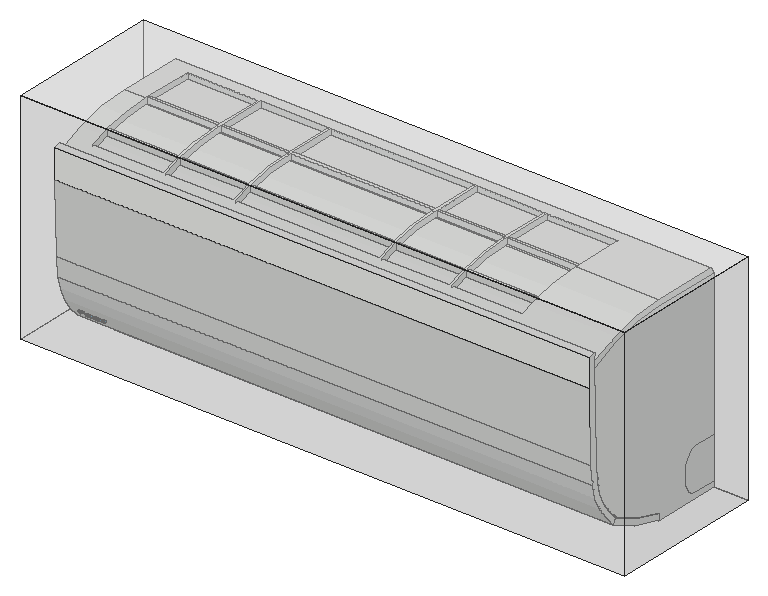
Revit family "outputfile", category 機械設備, Revit 2024
Family settings
  丸型コネクタ寸法 = 半径を使用
  パーツ タイプ = 標準
  OmniClass 番号 = 23.75.10.24.21.27.27
  OmniClass タイトル = Split System Air Conditioning Units
  作業面ベース = いいえ
  常に垂直 = はい
  ロード時にボイドで切り取り = いいえ
  注釈の向きを維持 = いいえ
  共有 = いいえ
  部屋計算ポイント = いいえ
Parameters (values of type "FTKF25T2VMA")
  Description = ""
  書き出し IFC クラス(タイプ) = "IfcUnitaryEquipmentType"
  定義済み IFC タイプ(タイプ) = "AIRCONDITIONINGUNIT"
  Cost = 0
  Type Comments = ""
  Keynote = ""
  Type Image = (empty or 0)
  Assembly Code = ""
  w_wall hole = if(Width = 770.0 mm, 48.0 mm, 60.0 mm)  # 48.0 mm
  製造元 = "Daikin"
  モデル = "FTKF25T2VMA"
  switch_frequency = yes
  r_Liquid Pipe Size = Liquid Pipe Size / 2  # 3.2 mm
  r_Gas Pipe Size = Gas Pipe Size / 2  # 4.75 mm
  r_Drain Pipe Size = Drain Pipe Size / 2  # 8.0 mm
  lw_powersupply [instance] = if(Width = 770.0 mm, if(or(Rear Right Connection_refrigerant, Bottom Right Connection_refrigerant), 25.0 mm, if(or(Rear Left Connection_refrigerant, Bottom Left Connection_refrigerant), 745.0 mm, 400.0 mm)), if(Width = 990.0 mm, if(or(Rear Right Connection_refrigerant, Bottom Right Connection_refrigerant), 40.0 mm, if(or(Rear Left Connection_refrigerant, Bottom Left Connection_refrigerant), 920.0 mm, 400.0 mm)), if(or(Rear Right Connection_refrigerant, Bottom Right Connection_refrigerant), 40.0 mm, if(or(Rear Left Connection_refrigerant, Bottom Left Connection_refrigerant), 920.0 mm, 400.0 mm))))  # 400.0 mm
  lw_liquidpipe [instance] = if(Width = 770.0 mm, if(or(Rear Right Connection_refrigerant, Bottom Right Connection_refrigerant), 0.0 mm, if(or(Rear Left Connection_refrigerant, Bottom Left Connection_refrigerant), 664.0 mm, 385.0 mm)), if(Width = 990.0 mm, if(or(Rear Right Connection_refrigerant, Bottom Right Connection_refrigerant), 0.0 mm, if(or(Rear Left Connection_refrigerant, Bottom Left Connection_refrigerant), 664.0 mm + (990.0 mm - 770.0 mm), 475.0 mm)), if(or(Rear Right Connection_refrigerant, Bottom Right Connection_refrigerant), 0.0 mm, if(or(Rear Left Connection_refrigerant, Bottom Left Connection_refrigerant), 664.0 mm + (990.0 mm - 770.0 mm), 475.0 mm))))  # 385.0 mm
  lw_gaspipe [instance] = if(Width = 770.0 mm, if(or(Rear Right Connection_refrigerant, Bottom Right Connection_refrigerant), 0.0 mm, if(or(Rear Left Connection_refrigerant, Bottom Left Connection_refrigerant), 675.0 mm, if(Gas Pipe Size = 12.7 mm, 345.0 mm, 335.0 mm))), if(Width = 990.0 mm, if(or(Rear Right Connection_refrigerant, Bottom Right Connection_refrigerant), 10.0 mm, if(or(Rear Left Connection_refrigerant, Bottom Left Connection_refrigerant), 890.0 mm, if(Gas Pipe Size = 15.9 mm, 400.0 mm, 400.0 mm))), if(or(Rear Right Connection_refrigerant, Bottom Right Connection_refrigerant), 10.0 mm, if(or(Rear Left Connection_refrigerant, Bottom Left Connection_refrigerant), 890.0 mm, if(Gas Pipe Size = 15.9 mm, 400.0 mm, 400.0 mm)))))  # 335.0 mm
  lw_drainpipe [instance] = if(Width = 770.0 mm, if(or(Rear Right Connection_refrigerant, Bottom Right Connection_refrigerant), 0.0 mm, if(or(Rear Left Connection_refrigerant, Bottom Left Connection_refrigerant), 770.0 mm - 48.0 mm - 48.0 mm, 440.0 mm)), if(Width = 990.0 mm, if(or(Rear Right Connection_refrigerant, Bottom Right Connection_refrigerant), 0.0 mm, if(or(Rear Left Connection_refrigerant, Bottom Left Connection_refrigerant), 675.0 mm + (990.0 mm - 770.0 mm), 435.0 mm)), if(or(Rear Right Connection_refrigerant, Bottom Right Connection_refrigerant), 0.0 mm, if(or(Rear Left Connection_refrigerant, Bottom Left Connection_refrigerant), 675.0 mm + (990.0 mm - 770.0 mm), 435.0 mm))))  # 440.0 mm
  l_powersupply_length [instance] = if(Width = 770.0 mm, if(Right Connection_refrigerant, 400.0 mm, if(Left Connection_refrigerant, 770.0 mm - 400.0 mm, if(or(Rear Left Connection_refrigerant, Rear Right Connection_refrigerant), 15.0 mm, 50.0 mm))), if(Width = 990.0 mm, if(Right Connection_refrigerant, 400.0 mm, if(Left Connection_refrigerant, 990.0 mm - 400.0 mm, if(or(Rear Left Connection_refrigerant, Rear Right Connection_refrigerant), 15.0 mm, 50.0 mm))), if(Right Connection_refrigerant, 400.0 mm, if(Left Connection_refrigerant, 990.0 mm - 400.0 mm, if(or(Rear Left Connection_refrigerant, Rear Right Connection_refrigerant), 15.0 mm, 50.0 mm)))))  # 400.0 mm
  l_liquidpipe_length [instance] = if(Width = 770.0 mm, if(Right Connection_refrigerant, 433.0 mm, if(Left Connection_refrigerant, 337.0 mm, if(or(Rear Left Connection_refrigerant, Rear Right Connection_refrigerant), 30.0 mm, 40.0 mm))), if(Width = 990.0 mm, if(Right Connection_refrigerant, 535.0 mm, if(Left Connection_refrigerant, 455.0 mm, if(or(Rear Left Connection_refrigerant, Rear Right Connection_refrigerant), 30.0 mm, 40.0 mm))), if(Right Connection_refrigerant, 535.0 mm, if(Left Connection_refrigerant, 455.0 mm, if(or(Rear Left Connection_refrigerant, Rear Right Connection_refrigerant), 30.0 mm, 40.0 mm)))))  # 433.0 mm
  l_gaspipe_length [instance] = if(Width = 770.0 mm, if(Right Connection_refrigerant, if(Gas Pipe Size = 12.7 mm, 393.0 mm, 383.0 mm), if(Left Connection_refrigerant, if(Gas Pipe Size = 12.7 mm, 770.0 mm - 393.0 mm, 770.0 mm - 383.0 mm), if(or(Rear Left Connection_refrigerant, Rear Right Connection_refrigerant), 40.0 mm, 50.0 mm))), if(Width = 990.0 mm, if(Right Connection_refrigerant, if(Gas Pipe Size = 15.9 mm, 460.0 mm, 460.0 mm), if(Left Connection_refrigerant, if(Gas Pipe Size = 15.9 mm, 990.0 mm - 460.0 mm, 990.0 mm - 460.0 mm), if(or(Rear Left Connection_refrigerant, Rear Right Connection_refrigerant), 40.0 mm, 50.0 mm))), if(Right Connection_refrigerant, if(Gas Pipe Size = 15.9 mm, 460.0 mm, 460.0 mm), if(Left Connection_refrigerant, if(Gas Pipe Size = 15.9 mm, 990.0 mm - 460.0 mm, 990.0 mm - 460.0 mm), if(or(Rear Left Connection_refrigerant, Rear Right Connection_refrigerant), 40.0 mm, 50.0 mm)))))  # 383.0 mm
  l_drainpipe_length [instance] = if(Width = 770.0 mm, if(Right Connection_refrigerant, 488.0 mm, if(Left Connection_refrigerant, 282.0 mm, if(or(Rear Left Connection_refrigerant, Rear Right Connection_refrigerant), 15.0 mm, 20.0 mm))), if(Width = 990.0 mm, if(Right Connection_refrigerant, 495.0 mm, if(Left Connection_refrigerant, 495.0 mm, if(or(Rear Left Connection_refrigerant, Rear Right Connection_refrigerant), 15.0 mm, 20.0 mm))), if(Right Connection_refrigerant, 495.0 mm, if(Left Connection_refrigerant, 495.0 mm, if(or(Rear Left Connection_refrigerant, Rear Right Connection_refrigerant), 15.0 mm, 20.0 mm)))))  # 488.0 mm
  h*** = 0.0 mm  # constant formula
  connector_voltage = Voltage_50Hz  # 230 V
  connector_powerinput = [Power Input (Cooling)]  # 0.000 kW
  connector_phase = Phase_50Hz  # 1
  angle_vertical [instance] = if(or(Bottom Left Connection_refrigerant, Bottom Right Connection_refrigerant), 0.00°, 90.00°)  # 90.00°
  angle_horizontal [instance] = if(Right Connection_refrigerant, 90.00°, if(Left Connection_refrigerant, -90.00°, if(or(Rear Left Connection_refrigerant, Rear Right Connection_refrigerant), 180.00°, 0.00°)))  # 90.00°
  Width = 770.0 mm
  Voltage_comment_50Hz = "220 - 240"
  Voltage_50Hz = 230 V
  Version = "ver.1.0"
  Unit Type = "Wall Mounted"
  Unit Mass Weight = 9.00 kg
  Unit Designation [instance] = ""
  Uniclass2015Version = "Products v1.30"
  Uniclass2015Title = "Split coil room air conditioning units"
  Uniclass2015Code = "Pr_70_65_03_86"
  URL = ""
  Total Cooling Capacity [instance] = 0.000 kW
  Sound Pressure Level_M speed (dBA) = 33
  Sound Pressure Level_L speed (dBA) = 27
  Sound Pressure Level_H speed (dBA) = 40
  Sound Power Level_H speed (dB) = 0
  Series = "Single Split_Fan Coil Unit"
  Sensible Cooling Capacity [instance] = 0.000 kW
  Refrigerant Type = "R32"
  Power Input (Cooling) = 0.000 kW
  Phase_50Hz = 1
  Option Accessory 3 [instance] = ""
  Option Accessory 2 [instance] = ""
  Option Accessory 1 [instance] = ""
  Nominal Cooling Capacity = 2.500 kW
  Minimum Circuit Amps_50Hz = 0.0 A
  Minimum Airflow = 276.00 m³/h
  Median Airflow = 390.00 m³/h
  Maximum Fuse Amps_50Hz = 0.0 A
  Maximum Airflow = 576.00 m³/h
  Material_Casing = DAIKIN_PureWhite_Casing_indoorunit
  Load Classification = HVAC
  Liquid Pipe Size = 6.4 mm
  Link_Nested Family [instance] = ""
  IfcVersion = ""
  IfcExportType = "AIRCONDITIONINGUNIT"
  IfcExportAs = "IfcUnitaryEquipmentType"
  Height = 285.0 mm
  Heat Exchanger Type = "Cross Fin Coil"
  Gas Pipe Size = 9.5 mm
  Frequency_50Hz = 50 Hz
  Fan Type = "Cross Flow Fan"
  Fan Drive = "Direct Drive"
  FCU Tag No. [instance] = ""
  Drain Pipe Size = 16.0 mm
  Design Supply Airflow [instance] = 0.00 m³/h
  Depth = 223.0 mm
  既定の高さ = 0.0 mm
  Cooling Entering Wet Bulb Temperature [instance] = 0.00 °C
  Cooling Entering Dry Bulb Temperature [instance] = 0.00 °C
  Cooling Ambient Wet Bulb Temperature [instance] = 0.00 °C
  Cooling Ambient Dry Bulb Temperature [instance] = 0.00 °C
  Clearance visibility [instance] = yes
  Clearance Top = 30.0 mm
  Clearance Right = 50.0 mm
  Clearance Rear = 0.0 mm
  Clearance Left = 50.0 mm
  Clearance Front = 0.0 mm
  Clearance Bottom = 0.0 mm
  Bottom Right Connection_refrigerant [instance] = no
  Bottom Left Connection_refrigerant [instance] = no
  Rear Right Connection_refrigerant [instance] = no
  Rear Left Connection_refrigerant [instance] = no
  Right Connection_refrigerant [instance] = yes
  Left Connection_refrigerant [instance] = no
Reference planes
  plane 1 "Back": y = 0
  plane 2: z = 0
  plane 3 "Center (Left/Right)": x = 0
  plane 4 "Center (Front/Back)": y = -111.5
  plane 5 "Front": y = -223
  plane 6 "Left": x = -385
  plane 7 "Right": x = 385
  plane 8 "Top": z = 0
  plane 9 "Bottom": z = -285
  plane 10: x = -435
  plane 11: x = 435
  plane 12: y = 0
  plane 13: y = -223
  plane 14: z = 30
  plane 15: z = -285
  plane 16 "lw_Piping and Wiring intake": x = 337
  plane 17 "lw_gaspipe": x = 2
  plane 18 "lw_liquidpipe": x = -48
  plane 19 "lw_drainpipe": x = -103
  plane 20 "lh_drainpipe": z = -265
  plane 21 "lh_liquidpipe": z = -245
  plane 22 "lh_gaspipe": z = -235
  plane 23 "ld_drainpipe": y = -15
  plane 24 "ld_liquidpipe": y = -30
  plane 25 "ld_gaspipe": y = -40
  plane 26 "lw_powersupply": x = -15
Dimensions and locks
  equal spacing: plane 6 "Left", plane 3 "Center (Left/Right)", plane 7 "Right"
  "Width": plane 6 "Left" to plane 7 "Right"
  equal spacing: plane 5 "Front", plane 4 "Center (Front/Back)", plane 1 "Back"
  "Depth": plane 5 "Front" to plane 1 "Back"
  "Height": plane 8 "Top" to plane 9 "Bottom"
  "Clearance Rear": plane 12 to plane 1 "Back"
  "Clearance Front": plane 13 to plane 5 "Front"
  "Clearance Top": plane 14 to plane 8 "Top"
  "Clearance Bottom": plane 9 "Bottom" to plane 15
  "w_wall hole": plane 16 "lw_Piping and Wiring intake" to plane 7 "Right"
  "lw_gaspipe": plane 17 "lw_gaspipe" to plane 16 "lw_Piping and Wiring intake"
  "lw_liquidpipe": plane 18 "lw_liquidpipe" to plane 16 "lw_Piping and Wiring intake"
  "lw_drainpipe": plane 19 "lw_drainpipe" to plane 16 "lw_Piping and Wiring intake"
  locked: plane 20 "lh_drainpipe" to plane 9 "Bottom" at 20
  locked: plane 21 "lh_liquidpipe" to plane 9 "Bottom" at 40
  locked: plane 22 "lh_gaspipe" to plane 9 "Bottom" at 50
  locked: plane 23 "ld_drainpipe" to plane 1 "Back" at 15
  locked: plane 1 "Back" to plane 24 "ld_liquidpipe" at 30
  locked: plane 1 "Back" to plane 25 "ld_gaspipe" at 40
  "lw_powersupply": plane 26 "lw_powersupply" to plane 7 "Right"
  "Clearance Left": plane 10 to plane 6 "Left"
  "Clearance Right": plane 7 "Right" to plane 11
  aligned and locked: level to plane 2
  aligned and locked: plane 12 to nested 1
  aligned and locked: nested 1 to plane 13
  aligned and locked: plane 10 to nested 1
  aligned and locked: plane 11 to nested 1
  aligned and locked: plane 15 to nested 1
  aligned and locked: plane 14 to nested 1
  aligned and locked: plane 17 "lw_gaspipe" to nested 2
  aligned and locked: nested 2 to plane 25 "ld_gaspipe"
  aligned and locked: plane 18 "lw_liquidpipe" to nested 3
  aligned and locked: nested 3 to plane 24 "ld_liquidpipe"
  aligned and locked: plane 19 "lw_drainpipe" to nested 4
  aligned and locked: nested 4 to plane 23 "ld_drainpipe"
  aligned and locked: nested 5 to plane 23 "ld_drainpipe"
  aligned and locked: plane 26 "lw_powersupply" to nested 5
  aligned and locked: level to plane 8 "Top"
  aligned and locked: plane 3 "Center (Left/Right)" to nested 6
  aligned and locked: plane 1 "Back" to nested 6
  aligned and locked: plane 8 "Top" to nested 6
Nested families
  nested 1: "daikin_clearancespace" at (0, -111.5, -127.381), show <- "Clearance visibility", visible <- "Clearance visibility", Link_Nested Family <- "Link_Nested Family", type "daikin_clearancespace"
    with width 870.0 mm, show yes, height 315.0 mm, depth 223.0 mm, Link_Nested Family ""
  nested 2: "daikin_connector_rotate3" at (2, -40, -235), angle_vertical <- "angle_vertical", angle_horizontal <- "angle_horizontal", length <- "l_gaspipe_length", radius <- "r_Gas Pipe Size", type "daikin_connector_rotate3"
    with show no, radius 4.75 mm, length 383.0 mm, angle_vertical 90.00°, angle_horizontal 90.00°
  nested 3: "daikin_connector_rotate3" at (-48, -30, -245), angle_vertical <- "angle_vertical", angle_horizontal <- "angle_horizontal", radius <- "r_Liquid Pipe Size", length <- "l_liquidpipe_length", type "daikin_connector_rotate3"
    with show no, radius 3.2 mm, length 433.0 mm, angle_vertical 90.00°, angle_horizontal 90.00°
  nested 4: "daikin_connector_rotate3" at (-103, -15, -265), angle_vertical <- "angle_vertical", angle_horizontal <- "angle_horizontal", length <- "l_drainpipe_length", radius <- "r_Drain Pipe Size", type "daikin_connector_rotate3"
    with show no, radius 8.0 mm, length 488.0 mm, angle_vertical 90.00°, angle_horizontal 90.00°
  nested 5: "daikin_connector_rotate3" at (-15, -15, -235), angle_vertical <- "angle_vertical", angle_horizontal <- "angle_horizontal", length <- "l_powersupply_length", type "daikin_connector_rotate3"
    with show no, radius 10.0 mm, length 400.0 mm, angle_vertical 90.00°, angle_horizontal 90.00°
  nested 6: "DAIKIN_indoorunit_FTKF-T2VMA" at (-31, 0, 0), type "FTKF-T2VMA"
Connectors
  piping at (385, -40, -235), diameter 9.5, driven by "r_Gas Pipe Size"
    settings: on nested 2, index 1, connector inside diameter 609.6 mm, connector length 0.0 mm, flow factor 0, pipe flow 0.00 m³/h, pressure drop 0.0 Pa, fitting loss kfactor 0, connector angle 0.00°, fixture units 0, engagement length 0.0 mm, angle of deflection 0.00°, flow configuration 1, flow direction 2, fitting loss method 0, system type 29, joint type 0, gender type 0, connector reference index -1, connector utility 0, adjustable connector no, is connector primary yes, connector description "Refrigerant Gas Piping"
  piping at (385, -30, -245), diameter 6.4, driven by "r_Liquid Pipe Size"
    settings: on nested 3, index 2, connector inside diameter 609.6 mm, connector length 0.0 mm, flow factor 0, pipe flow 0.00 m³/h, pressure drop 0.0 Pa, fitting loss kfactor 0, connector angle 0.00°, fixture units 0, engagement length 0.0 mm, angle of deflection 0.00°, flow configuration 1, flow direction 1, fitting loss method 0, system type 29, joint type 0, gender type 0, connector reference index -1, connector utility 0, adjustable connector no, is connector primary no, connector description "Refrigerant Liquid Piping"
  piping at (385, -15, -265), diameter 16, driven by "r_Drain Pipe Size"
    settings: on nested 4, index 3, connector inside diameter 609.6 mm, connector length 0.0 mm, flow factor 0, pipe flow 0.00 m³/h, pressure drop 0.0 Pa, fitting loss kfactor 0, connector angle 0.00°, fixture units 0, engagement length 0.0 mm, angle of deflection 0.00°, flow configuration 1, flow direction 2, fitting loss method 4, system type 16, joint type 0, gender type 0, connector reference index -1, connector utility 0, adjustable connector no, is connector primary no, connector description "Condensate Drain Piping"
  electrical at (385, -15, -235), driven by "Load Classification", driven by "connector_voltage", driven by "connector_powerinput", driven by "connector_phase"
    settings: on nested 5, index 4, voltage 230 V, apparent load 0 VA, apparent load phase1 0 VA, apparent load phase2 0 VA, apparent load phase3 0 VA, power factor 1, load classification "HVAC", number of poles 1, system type 30, power factor state 1, is connector primary yes, connector utility no, sub classification motor no, connector description "Power Supply"
Definition of nested family "daikin_clearancespace"
  Parameters (values of type "daikin_clearancespace")
    Description = "daikin_clearancespace"
    width [instance] = 1823.963 mm
    show [instance] = yes
    material = none
    height [instance] = 1359.762 mm
    depth [instance] = 880.0 mm
    Default Elevation = 0.0 mm
    Link_Nested Family [instance] = ""
  Reference planes
    plane 1 "Center (Front/Back)": y = 0
    plane 2 "Center (Elevation)": z = -0.119
    plane 3 "Center (Left/Right)": x = 0
    plane 4: y = 440
    plane 5: y = -440
    plane 6 "Right": x = 911.982
    plane 7 "Left": x = -911.982
    plane 8 "Top": z = 679.762
    plane 9 "Bottom": z = -680
  Forms (mm)
    Extrusion 1, solid, material <- "material", visible <- "show"
      sketch origin (0, 0, 0) x (1, 0, 0) y (0, 1, 0)
        loop
          line (-911.982, 440) -> (-911.982, -440) -> (911.982, -440) -> (911.982, 440) -> (-911.982, 440)
      from -680 to 679.762
  Lines and regions (mm)
    symbolic lines, visible <- "show"
      curve 1: line (911.982, 440, 0) -> (-911.982, 440, 0)
      curve 2: line (-911.982, 440, 0) -> (-911.982, -440, 0)
      curve 3: line (-911.982, -440, 0) -> (911.982, -440, 0)
      curve 4: line (911.982, -440, 0) -> (911.982, 440, 0)
      curve 5: line (911.982, 0, 679.762) -> (-911.982, 0, 679.762)
      curve 6: line (911.982, 0, -680) -> (911.982, 0, 679.762)
      curve 7: line (-911.982, 0, -680) -> (911.982, 0, -680)
      curve 8: line (-911.982, 0, 679.762) -> (-911.982, 0, -680)
      curve 9: line (0, 440, 679.762) -> (0, -440, 679.762)
      curve 10: line (0, -440, 679.762) -> (0, -440, -680)
      curve 11: line (0, 440, -680) -> (0, 440, 679.762)
      curve 12: line (0, -440, -680) -> (0, 440, -680)
  Dimensions and locks
    "width": plane 7 "Left" to plane 6 "Right"
    "depth": plane 4 to plane 5
    "height": plane 8 "Top" to plane 9 "Bottom"
    equal spacing: plane 7 "Left", plane 3 "Center (Left/Right)", plane 6 "Right"
    equal spacing: plane 4, plane 1 "Center (Front/Back)", plane 5
    equal spacing: plane 8 "Top", plane 2 "Center (Elevation)", plane 9 "Bottom"
    aligned and locked: level to plane 2 "Center (Elevation)"
    aligned and locked: Extrusion 1 sketch curve to plane 4
    aligned and locked: plane 7 "Left" to Extrusion 1 sketch curve
    aligned and locked: Extrusion 1 sketch curve to plane 5
    aligned and locked: Extrusion 1 sketch curve to plane 6 "Right"
    aligned and locked: plane 8 "Top" to Extrusion 1
    aligned and locked: curve 1 to Extrusion 1
    aligned and locked: curve 2 to Extrusion 1
    aligned and locked: curve 3 to Extrusion 1
    aligned and locked: curve 4 to Extrusion 1
    aligned and locked: curve 5 to Extrusion 1
    aligned and locked: curve 6 to Extrusion 1
    aligned and locked: curve 7 to Extrusion 1
    aligned and locked: curve 8 to Extrusion 1
    aligned and locked: curve 9 to Extrusion 1
    aligned and locked: curve 10 to Extrusion 1
    aligned and locked: curve 11 to Extrusion 1
    aligned and locked: curve 12 to Extrusion 1
    aligned and locked: Extrusion 1 to plane 9 "Bottom"
Definition of nested family "DAIKIN_indoorunit_FTKF-T2VMA"
  Parameters (values of type "FTKF-TVMA")
    switch_unit1_60-71 = Width = 990.0 mm  # no
    switch_unit1_20-50 = Width = 770.0 mm  # yes
    Width = 770.0 mm
    WALL HOLE-R = if(Width = 770.0 mm, 48.0 mm, 60.0 mm)  # 48.0 mm
    WALL HOLE Size = if(Width = 770.0 mm, 65.0 mm, 80.0 mm)  # 65.0 mm
    Material_Casing = none
    Height = if(Width = 770.0 mm, 285.0 mm, 295.0 mm)  # 285.0 mm
    Default Elevation = 0.0 mm
  Reference planes
    plane 1 "Center (Front/Back)": y = 0
    plane 2 "reference_level": z = 0
    plane 3 "Center (Left/Right)": x = 31
    plane 4: x = -354
    plane 5: x = 416
    plane 6: z = -285
  Forms (mm)
    Extrusion 1, solid, material <- "Material_Casing", visible <- "switch_unit1_20-50"
      sketch origin (29, 0, 0) x (0, 1, 0) y (0, 0, 1)
        loop
          line (-5, 0) -> (-98, 0)
          arc (-98, 0) -> (-157.611, -7.211) -> (-213.783, -28.427) r 250
          arc (-213.783, -28.427) -> (-213.842, -32.972) -> (-213.892, -37.516) r 2191
          arc (-213.892, -37.516) -> (-157.832, -15.495) -> (-98.07, -8) r 242
          line (-98.07, -8) -> (0, -8) -> (-5, 0)
      from -383 to 387
    Extrusion 2, solid, material <- "Material_Casing", visible <- "switch_unit1_20-50"
      sketch origin (416, 1296.25, 1200) x (0, 1, 0) y (0, 0, 1)
        loop
          line (-1472.998, -1446.91) -> (-1476.998, -1453.839)
          arc (-1476.998, -1453.839) -> (-1437.481, -1472.422) -> (-1395.25, -1483.538) r 240
          line (-1395.25, -1483.538) -> (-1395.25, -1475.422)
          arc (-1395.25, -1475.422) -> (-1435.407, -1464.663) -> (-1472.998, -1446.91) r 232
      from 0 to -47.5
    Extrusion 3, solid, material <- "Material_Casing", visible <- "switch_unit1_20-50"
      sketch origin (29, 0, 0) x (0, 1, 0) y (0, 0, 1)
        loop
          arc (-223, -60.455) -> (-222.414, -110.646) -> (-220.656, -160.81) r 2149.92
          arc (-220.656, -160.81) -> (-219.65, -174.299) -> (-217.853, -187.706) r 229.911
          arc (-217.853, -187.706) -> (-205.371, -223.594) -> (-181.517, -253.17) r 111
          line (-181.517, -253.17) -> (-177.429, -246.093)
          arc (-177.429, -246.093) -> (-198.77, -218.989) -> (-209.965, -186.36) r 103
          arc (-209.965, -186.36) -> (-211.681, -173.586) -> (-212.651, -160.735) r 221.844
          arc (-212.651, -160.735) -> (-214.739, -93.233) -> (-214.74, -25.699) r 2186.828
          arc (-214.74, -25.699) -> (-214.671, -21.467) -> (-214.594, -17.235) r 2192
          line (-214.594, -17.235) -> (-223, -19.961) -> (-223, -60.455)
      from -383 to 387
    Extrusion 4, solid, material <- "Material_Casing", visible <- "switch_unit1_20-50"
      sketch origin (29, 0, -20) x (0, 1, 0) y (0, 0, 1)
        loop
          line (0, -265) -> (0, 12) -> (-98.07, 12)
          arc (-98.07, 12) -> (-157.832, 4.505) -> (-213.892, -17.516) r 242
          arc (-213.892, -17.516) -> (-213.638, -79.114) -> (-211.653, -140.681) r 2191
          arc (-211.653, -140.681) -> (-210.685, -153.501) -> (-208.973, -166.243) r 221
          arc (-208.973, -166.243) -> (-197.471, -199.282) -> (-175.482, -226.491) r 102
          arc (-175.482, -226.491) -> (-138.004, -244.019) -> (-98, -254.579) r 231
          line (-98, -254.579) -> (-98, -265) -> (0, -265)
      from -383 to 387
    Extrusion 5, solid, material <- "Material_Casing", visible <- "switch_unit1_20-50"
      sketch origin (-354, 1296.25, 1200) x (0, 1, 0) y (0, 0, 1)
        loop
          line (-1472.998, -1446.91) -> (-1476.998, -1453.839)
          arc (-1476.998, -1453.839) -> (-1437.481, -1472.422) -> (-1395.25, -1483.538) r 240
          line (-1395.25, -1483.538) -> (-1395.25, -1475.422)
          arc (-1395.25, -1475.422) -> (-1435.407, -1464.663) -> (-1472.998, -1446.91) r 232
      from 47 to 0
    Extrusion 6, solid, material <- "Material_Casing", visible <- "switch_unit1_20-50"
      sketch origin (416, 1296.25, 1200) x (0, 1, 0) y (0, 0, 1)
        loop
          line (-1472.998, -1446.91) -> (-1476.998, -1453.839)
          arc (-1476.998, -1453.839) -> (-1443.437, -1470.168) -> (-1407.75, -1481.097) r 240
          line (-1407.75, -1481.097) -> (-1407.75, -1472.894)
          arc (-1407.75, -1472.894) -> (-1441.363, -1462.385) -> (-1472.998, -1446.91) r 232
      from -116.993 to -48.493
    Extrusion 7, solid, material <- "Material_Casing", visible <- "switch_unit1_20-50"
      sketch origin (416, 1296.25, 1200) x (0, 1, 0) y (0, 0, 1)
        loop
          line (-1472.998, -1446.91) -> (-1476.998, -1453.839)
          arc (-1476.998, -1453.839) -> (-1443.437, -1470.168) -> (-1407.75, -1481.097) r 240
          line (-1407.75, -1481.097) -> (-1407.75, -1472.894)
          arc (-1407.75, -1472.894) -> (-1441.363, -1462.385) -> (-1472.998, -1446.91) r 232
      from -717 to -121.993
    Extrusion 8, void
      sketch origin (31, 0, -235) x (1, 0, 0) y (0, 1, 0)
        loop
          line (-252.674, -22.316) -> (-354.941, -22.316) -> (-354.941, -91.341) -> (-252.674, -91.341) -> (-252.674, -22.316)
        loop
          line (-249.341, -91.341) -> (-151.574, -91.341) -> (-151.574, -22.316) -> (-249.341, -22.316) -> (-249.341, -91.341)
        loop
          line (58.309, -22.316) -> (-148.309, -22.316) -> (-148.309, -91.341) -> (58.309, -91.341) -> (58.309, -22.316)
        loop
          line (61.689, -22.316) -> (61.689, -91.341) -> (159.457, -91.341) -> (159.457, -22.316) -> (61.689, -22.316)
        loop
          line (162.789, -22.316) -> (162.789, -91.341) -> (265.057, -91.341) -> (265.057, -22.316) -> (162.789, -22.316)
        loop
          line (-354.941, -94.659) -> (-354.941, -165.259) -> (-252.674, -165.259) -> (-252.674, -94.659) -> (-354.941, -94.659)
        loop
          line (-249.341, -94.659) -> (-249.341, -165.259) -> (-151.574, -165.259) -> (-151.574, -94.659) -> (-249.341, -94.659)
        loop
          line (-148.309, -94.659) -> (-148.309, -165.259) -> (58.309, -165.259) -> (58.309, -94.659) -> (-148.309, -94.659)
        loop
          line (61.689, -94.659) -> (61.689, -165.259) -> (159.457, -165.259) -> (159.457, -94.659) -> (61.689, -94.659)
        loop
          line (162.789, -94.659) -> (162.789, -165.259) -> (265.057, -165.259) -> (265.057, -94.659) -> (162.789, -94.659)
        loop
          line (-354.941, -167.382) -> (-354.941, -192.681) -> (-252.674, -192.681) -> (-252.674, -167.382) -> (-354.941, -167.382)
        loop
          line (-249.341, -167.382) -> (-249.341, -192.681) -> (-151.574, -192.681) -> (-151.574, -167.382) -> (-249.341, -167.382)
        loop
          line (-148.309, -167.382) -> (-148.309, -192.681) -> (58.309, -192.681) -> (58.309, -167.382) -> (-148.309, -167.382)
        loop
          line (159.457, -167.382) -> (61.689, -167.382) -> (61.689, -192.681) -> (159.457, -192.681) -> (159.457, -167.382)
        loop
          line (265.057, -167.382) -> (162.789, -167.382) -> (162.789, -192.681) -> (265.057, -192.681) -> (265.057, -167.382)
      from 201.638 to 250
    Extrusion 9, solid, material <- "Material_Casing"
      sketch origin (31, 0, 0) x (1, 0, 0) y (0, 0, 1)
        loop
          circle (337, -240.5) r 32.5
        loop
          circle (-337, -240.5) r 32.5
      from 0 to 5
    Extrusion 10, solid, material <- "Material_Casing", visible <- "switch_unit1_20-50"
      sketch origin (416, 1296.25, 1200) x (0, -1, 0) y (0, 0, 1)
        loop
          line (1326.25, -1417) -> (1296.25, -1417) -> (1296.25, -1477) -> (1326.25, -1477)
          arc (1326.25, -1477) -> (1340.393, -1471.142) -> (1346.25, -1457) r 20
          line (1346.25, -1457) -> (1346.25, -1437)
          arc (1346.25, -1437) -> (1340.393, -1422.858) -> (1326.25, -1417) r 20
      from 0 to 5
    Extrusion 11, solid, material <- "Material_Casing", visible <- "switch_unit1_20-50"
      sketch origin (-354, 1296.25, 1200) x (0, 1, 0) y (0, 0, 1)
        loop
          line (-1296.25, -1417) -> (-1326.25, -1417)
          arc (-1326.25, -1417) -> (-1340.393, -1422.858) -> (-1346.25, -1437) r 20
          line (-1346.25, -1437) -> (-1346.25, -1457)
          arc (-1346.25, -1457) -> (-1340.393, -1471.142) -> (-1326.25, -1477) r 20
          line (-1326.25, -1477) -> (-1296.25, -1477) -> (-1296.25, -1417)
      from 0 to 5
    Extrusion 12, solid, material <- "Material_Casing", visible <- "switch_unit1_20-50"
      sketch origin (31, 0, -285) x (-1, 0, 0) y (0, -1, 0)
        loop
          line (-314, 0) -> (-314, 30)
          arc (-314, 30) -> (-319.858, 44.142) -> (-334, 50) r 20
          line (-334, 50) -> (-354, 50)
          arc (-354, 50) -> (-368.142, 44.142) -> (-374, 30) r 20
          line (-374, 30) -> (-374, 0) -> (-314, 0)
        loop
          line (374, 0) -> (374, 30)
          arc (374, 30) -> (368.142, 44.142) -> (354, 50) r 20
          line (354, 50) -> (334, 50)
          arc (334, 50) -> (319.858, 44.142) -> (314, 30) r 20
          line (314, 30) -> (314, 0) -> (374, 0)
      from 0 to 5
    Extrusion 13, solid, material <- "Material_Casing", visible <- "switch_unit1_60-71"
      sketch origin (31, 0, 0) x (0, 1, 0) y (0, 0, 1)
        loop
          line (-5, 0) -> (-138, 0)
          arc (-138, 0) -> (-197.611, -7.211) -> (-253.783, -28.427) r 250
          arc (-253.783, -28.427) -> (-253.838, -32.687) -> (-253.886, -36.946) r 2191
          arc (-253.886, -36.946) -> (-197.73, -15.346) -> (-138.014, -8) r 246.393
          line (-138.014, -8) -> (0, -8) -> (-5, 0)
      from -495 to 495
    Extrusion 14, solid, material <- "Material_Casing", visible <- "switch_unit1_60-71"
      sketch origin (418, 1296.25, 1200) x (0, 1, 0) y (0, 0, 1)
        loop
          arc (-1515.208, -1454.149) -> (-1506.856, -1460.599) -> (-1497.925, -1466.219) r 110
          arc (-1497.925, -1466.219) -> (-1445.718, -1487.493) -> (-1389.844, -1494.995) r 223
          line (-1389.844, -1494.995) -> (-1389.844, -1486.086) -> (-1404.386, -1486.086)
          arc (-1404.386, -1486.086) -> (-1449.542, -1477.46) -> (-1491.818, -1459.402) r 214.289
          arc (-1491.818, -1459.402) -> (-1501.056, -1453.541) -> (-1509.606, -1446.715) r 101
          line (-1509.606, -1446.715) -> (-1515.208, -1454.149)
      from 108 to 57.5
    Extrusion 15, solid, material <- "Material_Casing", visible <- "switch_unit1_60-71"
      sketch origin (31, 0, 0) x (0, 1, 0) y (0, 0, 1)
        loop
          line (-263, -19.962) -> (-263, -61.6)
          arc (-263, -61.6) -> (-262.414, -110.219) -> (-260.656, -158.81) r 2017.341
          arc (-260.656, -158.81) -> (-255.648, -191.935) -> (-244.041, -223.362) r 164.725
          arc (-244.041, -223.362) -> (-233.569, -239.793) -> (-219.717, -253.495) r 87.379
          line (-219.717, -253.495) -> (-214.706, -246.846)
          arc (-214.706, -246.846) -> (-229.564, -230.029) -> (-240.385, -210.371) r 102
          arc (-240.385, -210.371) -> (-249.049, -182.962) -> (-252.848, -154.467) r 165.789
          arc (-252.848, -154.467) -> (-254.771, -90.102) -> (-254.74, -25.708) r 2122.533
          arc (-254.74, -25.708) -> (-254.671, -21.469) -> (-254.594, -17.23) r 2192
          line (-254.594, -17.23) -> (-263, -19.962)
      from -495 to 495
    Extrusion 16, void
      sketch origin (33, 0, 0) x (1, 0, 0) y (0, 1, 0)
        loop
          line (-466.909, -22.316) -> (-466.909, -111.341) -> (-366.303, -111.341) -> (-366.303, -22.316) -> (-466.909, -22.316)
        loop
          line (-362.71, -22.316) -> (-362.71, -111.341) -> (-262.103, -111.341) -> (-262.103, -22.316) -> (-362.71, -22.316)
        loop
          line (-258.51, -22.316) -> (-258.51, -111.341) -> (-157.904, -111.341) -> (-157.904, -22.316) -> (-258.51, -22.316)
        loop
          line (-154.31, -22.316) -> (-154.31, -111.341) -> (-53.704, -111.341) -> (-53.704, -22.316) -> (-154.31, -22.316)
        loop
          line (-50.11, -22.316) -> (-50.11, -111.341) -> (50.496, -111.341) -> (50.496, -22.316) -> (-50.11, -22.316)
        loop
          line (54.089, -22.316) -> (54.089, -111.341) -> (154.696, -111.341) -> (154.696, -22.316) -> (54.089, -22.316)
        loop
          line (158.289, -22.316) -> (158.289, -111.341) -> (258.895, -111.341) -> (258.895, -22.316) -> (158.289, -22.316)
        loop
          line (262.489, -22.316) -> (262.489, -111.341) -> (363.095, -111.341) -> (363.095, -22.316) -> (262.489, -22.316)
        loop
          line (-466.909, -114.459) -> (-466.909, -185.059) -> (-366.303, -185.059) -> (-366.303, -114.459) -> (-466.909, -114.459)
        loop
          line (-362.71, -114.459) -> (-362.71, -185.059) -> (-262.103, -185.059) -> (-262.103, -114.459) -> (-362.71, -114.459)
        loop
          line (-258.51, -114.459) -> (-258.51, -185.059) -> (-157.904, -185.059) -> (-157.904, -114.459) -> (-258.51, -114.459)
        loop
          line (-154.31, -114.459) -> (-154.31, -185.059) -> (-53.704, -185.059) -> (-53.704, -114.459) -> (-154.31, -114.459)
        loop
          line (-50.11, -114.459) -> (-50.11, -185.059) -> (50.496, -185.059) -> (50.496, -114.459) -> (-50.11, -114.459)
        loop
          line (54.089, -114.459) -> (54.089, -185.059) -> (154.696, -185.059) -> (154.696, -114.459) -> (54.089, -114.459)
        loop
          line (158.289, -114.459) -> (158.289, -185.059) -> (258.895, -185.059) -> (258.895, -114.459) -> (158.289, -114.459)
        loop
          line (262.489, -114.459) -> (262.489, -185.059) -> (363.095, -185.059) -> (363.095, -114.459) -> (262.489, -114.459)
        loop
          line (-466.909, -187.382) -> (-466.909, -232.681) -> (-366.303, -232.681) -> (-366.303, -187.382) -> (-466.909, -187.382)
        loop
          line (-362.71, -187.382) -> (-362.71, -232.681) -> (-262.103, -232.681) -> (-262.103, -187.382) -> (-362.71, -187.382)
        loop
          line (-258.51, -187.382) -> (-258.51, -232.681) -> (-157.904, -232.681) -> (-157.904, -187.382) -> (-258.51, -187.382)
        loop
          line (-154.31, -187.382) -> (-154.31, -232.681) -> (-53.704, -232.681) -> (-53.704, -187.382) -> (-154.31, -187.382)
        loop
          line (-50.11, -187.382) -> (-50.11, -232.681) -> (50.496, -232.681) -> (50.496, -187.382) -> (-50.11, -187.382)
        loop
          line (54.089, -187.382) -> (54.089, -232.681) -> (154.696, -232.681) -> (154.696, -187.382) -> (54.089, -187.382)
        loop
          line (158.289, -187.382) -> (158.289, -232.681) -> (258.895, -232.681) -> (258.895, -187.382) -> (158.289, -187.382)
        loop
          line (262.489, -187.382) -> (262.489, -232.681) -> (363.095, -232.681) -> (363.095, -187.382) -> (262.489, -187.382)
      from -40.013 to 47.268
    Extrusion 17, solid, material <- "Material_Casing", visible <- "switch_unit1_60-71"
      sketch origin (-356, 1296.25, 1200) x (0, 1, 0) y (0, 0, -1)
        loop
          line (-1515.208, 1454.149) -> (-1509.606, 1446.715)
          arc (-1509.606, 1446.715) -> (-1501.056, 1453.541) -> (-1491.818, 1459.402) r 101
          arc (-1491.818, 1459.402) -> (-1449.542, 1477.46) -> (-1404.386, 1486.086) r 214.289
          line (-1404.386, 1486.086) -> (-1389.844, 1486.086) -> (-1389.844, 1494.995)
          arc (-1389.844, 1494.995) -> (-1445.718, 1487.493) -> (-1497.925, 1466.219) r 223
          arc (-1497.925, 1466.219) -> (-1506.856, 1460.599) -> (-1515.208, 1454.149) r 110
      from 108 to 61
    Extrusion 18, solid, material <- "Material_Casing", visible <- "switch_unit1_60-71"
      sketch origin (418, 1296.25, 1200) x (0, 1, 0) y (0, 0, 1)
        loop
          arc (-1515.208, -1454.149) -> (-1506.856, -1460.599) -> (-1497.925, -1466.219) r 110
          arc (-1497.925, -1466.219) -> (-1463.185, -1482.066) -> (-1426.25, -1491.755) r 223
          line (-1426.25, -1491.755) -> (-1426.25, -1483.166)
          arc (-1426.25, -1483.166) -> (-1460.008, -1473.969) -> (-1491.818, -1459.402) r 214.289
          arc (-1491.818, -1459.402) -> (-1501.056, -1453.541) -> (-1509.606, -1446.715) r 101
          line (-1509.606, -1446.715) -> (-1515.208, -1454.149)
      from 56.5 to -36.993
    Extrusion 19, solid, material <- "Material_Casing", visible <- "switch_unit1_60-71"
      sketch origin (418, 1296.25, 1200) x (0, 1, 0) y (0, 0, 1)
        loop
          arc (-1426.25, -1483.166) -> (-1443.442, -1479.224) -> (-1460.25, -1473.881) r 214.289
          line (-1460.25, -1473.881) -> (-1460.25, -1483.089)
          arc (-1460.25, -1483.089) -> (-1443.421, -1488.091) -> (-1426.25, -1491.755) r 223
          line (-1426.25, -1491.755) -> (-1426.25, -1483.166)
      from -43.493 to -828.893
    Extrusion 20, solid, material <- "Material_Casing", visible <- "switch_unit1_60-71"
      sketch origin (418, 1296.25, 1200) x (0, 1, 0) y (0, 0, 1)
        loop
          arc (-1515.208, -1454.149) -> (-1506.856, -1460.599) -> (-1497.925, -1466.219) r 110
          arc (-1497.925, -1466.219) -> (-1479.479, -1475.527) -> (-1460.25, -1483.089) r 223
          line (-1460.25, -1483.089) -> (-1460.25, -1473.881)
          arc (-1460.25, -1473.881) -> (-1476.328, -1467.282) -> (-1491.818, -1459.402) r 214.289
          arc (-1491.818, -1459.402) -> (-1501.056, -1453.541) -> (-1509.606, -1446.715) r 101
          line (-1509.606, -1446.715) -> (-1515.208, -1454.149)
      from -43.493 to -828.893
    Extrusion 21, solid, material <- "Material_Casing", visible <- "switch_unit1_60-71"
      sketch origin (31, 0, -30) x (0, 1, 0) y (0, 0, 1)
        loop
          line (0, 22) -> (-138.014, 22)
          arc (-138.014, 22) -> (-197.73, 14.654) -> (-253.886, -6.946) r 246.393
          arc (-253.886, -6.946) -> (-253.682, -65.635) -> (-251.855, -124.295) r 2120.935
          arc (-251.855, -124.295) -> (-248.086, -152.682) -> (-239.461, -179.988) r 164.789
          arc (-239.461, -179.988) -> (-228.903, -199.231) -> (-214.437, -215.738) r 101
          line (-214.437, -215.738) -> (-212.406, -216.221)
          arc (-212.406, -216.221) -> (-204.07, -222.837) -> (-195.079, -228.53) r 100
          arc (-195.079, -228.53) -> (-145.557, -248.629) -> (-92.593, -255.785) r 213.289
          line (-92.593, -255.785) -> (-92.593, -265) -> (0, -265) -> (0, 22)
      from -495 to 495
    Extrusion 22, solid, material <- "Material_Casing", visible <- "switch_unit1_60-71"
      sketch origin (526, 1296.25, 1200) x (0, -1, 0) y (0, 0, 1)
        loop
          line (1326.25, -1427.035) -> (1296.25, -1427.035) -> (1296.25, -1487.035) -> (1326.25, -1487.035)
          arc (1326.25, -1487.035) -> (1340.393, -1481.177) -> (1346.25, -1467.035) r 20
          line (1346.25, -1467.035) -> (1346.25, -1447.035)
          arc (1346.25, -1447.035) -> (1340.393, -1432.892) -> (1326.25, -1427.035) r 20
      from 0 to 5
    Extrusion 23, solid, material <- "Material_Casing", visible <- "switch_unit1_60-71"
      sketch origin (-459, 1296.25, 1200) x (0, -1, 0) y (0, 0, 1)
        loop
          line (1326.25, -1427.035) -> (1296.25, -1427.035) -> (1296.25, -1487.035) -> (1326.25, -1487.035)
          arc (1326.25, -1487.035) -> (1340.393, -1481.177) -> (1346.25, -1467.035) r 20
          line (1346.25, -1467.035) -> (1346.25, -1447.035)
          arc (1346.25, -1447.035) -> (1340.393, -1432.892) -> (1326.25, -1427.035) r 20
      from 0 to 5
    Extrusion 24, solid, material <- "Material_Casing", visible <- "switch_unit1_60-71"
      sketch origin (31, 200, -295) x (-1, 0, 0) y (0, -1, 0)
        loop
          line (469, 200) -> (469, 230)
          arc (469, 230) -> (463.142, 244.142) -> (449, 250) r 20
          line (449, 250) -> (429, 250)
          arc (429, 250) -> (414.858, 244.142) -> (409, 230) r 20
          line (409, 230) -> (409, 200) -> (469, 200)
        loop
          line (-469, 200) -> (-409, 200) -> (-409, 230)
          arc (-409, 230) -> (-414.858, 244.142) -> (-429, 250) r 20
          line (-429, 250) -> (-449, 250)
          arc (-449, 250) -> (-463.142, 244.142) -> (-469, 230) r 20
          line (-469, 230) -> (-469, 200)
      from 0 to 5
  Cuts and joins
    Extrusion 8 cuts Extrusion 1
    Extrusion 16 cuts Extrusion 13
  Lines and regions (mm)
    reference lines
      curve 1: line (-523, -201.911, -229.404) -> (-523, -193.542, -239.977)
      curve 2: line (-523, -240.779, -229.404) -> (-523, -232.411, -239.977)
  Dimensions and locks
    locked: Extrusion 10 sketch curve to Extrusion 10 sketch curve at 60
    locked: Extrusion 10 sketch curve to Extrusion 10 sketch curve at 50
    locked: Extrusion 12 sketch curve to Extrusion 12 sketch curve at 60  (x2)
    locked: Extrusion 12 sketch curve to Extrusion 12 sketch curve at 50
    equal spacing: plane 5, plane 3 "Center (Left/Right)", plane 4
    "Width": plane 5 to plane 4
    locked: Extrusion 9 sketch curve to plane 4 at 48
    "WALL HOLE-R": plane 5 to Extrusion 9 sketch curve
    "Height": plane 2 "reference_level" to plane 6
    locked: Extrusion 9 sketch curve to plane 6 at 44.5  (x2)
    locked: Extrusion 15 to nested 2 at 15
    locked: Extrusion 22 sketch curve to Extrusion 22 sketch curve at 60
    locked: Extrusion 22 sketch curve to Extrusion 22 sketch curve at 50
    locked: Extrusion 23 sketch curve to Extrusion 23 sketch curve at 60
    locked: Extrusion 23 sketch curve to Extrusion 23 sketch curve at 50
    locked: Extrusion 24 sketch curve to Extrusion 24 sketch curve at 60  (x2)
    locked: Extrusion 24 sketch curve to Extrusion 24 sketch curve at 50  (x2)
    "WALL HOLE Size": diameter of Extrusion 9 sketch curve  (x2)
    aligned and locked: level to plane 2 "reference_level"
    aligned and locked: nested 1 to curve 1
    aligned and locked: Extrusion 11 sketch curve to Extrusion 10  (x4)
    aligned and locked: Extrusion 12 sketch curve to Extrusion 12 sketch curve  (x2)
    aligned and locked: Extrusion 9 to plane 1 "Center (Front/Back)"
    aligned and locked: nested 2 to curve 2
  Automatic sketch dimensions
    curve 1 to level = 239.977 mm
    plane 1 "Center (Front/Back)" to curve 1 = 193.542 mm
    curve 2 to curve 1 = 0.0 mm
    curve 2 to curve 2 = 10.573 mm
    curve 1 to curve 1 = 10.573 mm
    curve 1 to curve 1 = 8.368 mm
    curve 1 to curve 2 = 30.5 mm
    curve 2 to curve 2 = 8.368 mm
    Extrusion 1 sketch curve to level = 0.0 mm
    Extrusion 1 sketch curve to plane 1 "Center (Front/Back)" = 0.0 mm
    plane 1 "Center (Front/Back)" to Extrusion 1 sketch curve = 5.0 mm
    plane 1 "Center (Front/Back)" to Extrusion 1 sketch curve = 98.0 mm
    Extrusion 1 sketch curve to Extrusion 1 sketch curve = 0.07 mm
    Extrusion 1 sketch curve to level = 59.292 mm
    Extrusion 1 sketch curve to plane 1 "Center (Front/Back)" = 1977.0 mm
    Extrusion 1 sketch curve to level = 250.0 mm
    Extrusion 1 sketch curve to Extrusion 1 sketch curve = 0.0 mm
    Extrusion 1 sketch curve to level = 8.0 mm
    Extrusion 1 sketch curve to level = 28.427 mm
    plane 1 "Center (Front/Back)" to Extrusion 2 sketch curve = 180.748 mm
    Extrusion 2 sketch curve to Extrusion 2 sketch curve = 4.0 mm
    Extrusion 2 sketch curve to Extrusion 2 sketch curve = 77.747 mm
    plane 1 "Center (Front/Back)" to Extrusion 2 sketch curve = 59.279 mm
    Extrusion 2 sketch curve to Extrusion 2 sketch curve = 0.0 mm
    Extrusion 2 sketch curve to level = 283.538 mm
    Extrusion 2 sketch curve to Extrusion 2 sketch curve = 8.116 mm
    Extrusion 2 sketch curve to Extrusion 2 sketch curve = 21.583 mm
    Extrusion 2 sketch curve to Extrusion 2 sketch curve = 6.929 mm
    Extrusion 3 sketch curve to level = 19.961 mm
    plane 1 "Center (Front/Back)" to Extrusion 3 sketch curve = 223.0 mm
    Extrusion 3 sketch curve to level = 17.235 mm
    Extrusion 3 sketch curve to Extrusion 3 sketch curve = 8.406 mm
    plane 1 "Center (Front/Back)" to Extrusion 3 sketch curve = 181.517 mm
    Extrusion 3 sketch curve to Extrusion 3 sketch curve = 4.087 mm
    Extrusion 3 sketch curve to Extrusion 3 sketch curve = 69.11 mm
    Extrusion 3 sketch curve to Extrusion 3 sketch curve = 0.001 mm
    Extrusion 3 sketch curve to plane 1 "Center (Front/Back)" = 8.955 mm
    Extrusion 3 sketch curve to Extrusion 3 sketch curve = 0.067 mm
    Extrusion 3 sketch curve to level = 60.455 mm
    Extrusion 3 sketch curve to Extrusion 3 sketch curve = 1917.898 mm
    Extrusion 3 sketch curve to Extrusion 3 sketch curve = 44.907 mm
    Extrusion 3 sketch curve to Extrusion 3 sketch curve = 5.172 mm
    Extrusion 3 sketch curve to level = 150.456 mm
    Extrusion 3 sketch curve to Extrusion 3 sketch curve = 0.006 mm
    Extrusion 3 sketch curve to Extrusion 3 sketch curve = 19.265 mm
    Extrusion 3 sketch curve to Extrusion 3 sketch curve = 0.004 mm
    Extrusion 3 sketch curve to Extrusion 3 sketch curve = 76.368 mm
    Extrusion 3 sketch curve to Extrusion 3 sketch curve = 7.077 mm
    Extrusion 3 sketch curve to Extrusion 3 sketch curve = 1.002 mm
    Extrusion 3 sketch curve to Extrusion 3 sketch curve = 0.046 mm
    Extrusion 3 sketch curve to Extrusion 3 sketch curve = 8.005 mm
    Extrusion 3 sketch curve to Extrusion 3 sketch curve = 0.147 mm
    Extrusion 3 sketch curve to Extrusion 3 sketch curve = 0.0 mm
    Extrusion 4 sketch curve to plane 1 "Center (Front/Back)" = 0.0 mm
    plane 1 "Center (Front/Back)" to Extrusion 4 sketch curve = 59.278 mm
    Extrusion 4 sketch curve to Extrusion 4 sketch curve = 98.0 mm
    Extrusion 4 sketch curve to Extrusion 4 sketch curve = 0.0 mm  (x3)
    Extrusion 4 sketch curve to level = 8.0 mm
    Extrusion 4 sketch curve to Extrusion 4 sketch curve = 38.791 mm
    Extrusion 4 sketch curve to Extrusion 4 sketch curve = 10.249 mm
    Extrusion 4 sketch curve to plane 1 "Center (Front/Back)" = 9.11 mm
    Extrusion 4 sketch curve to level = 59.292 mm
    Extrusion 4 sketch curve to Extrusion 4 sketch curve = 1967.89 mm
    Extrusion 4 sketch curve to Extrusion 4 sketch curve = 142.454 mm
    Extrusion 4 sketch curve to Extrusion 4 sketch curve = 19.271 mm
    Extrusion 4 sketch curve to Extrusion 4 sketch curve = 80.275 mm
    Extrusion 4 sketch curve to Extrusion 4 sketch curve = 24.579 mm
    Extrusion 4 sketch curve to Extrusion 4 sketch curve = 10.421 mm
    Extrusion 4 sketch curve to level = 46.847 mm
    Extrusion 4 sketch curve to Extrusion 4 sketch curve = 77.412 mm
    Extrusion 4 sketch curve to Extrusion 4 sketch curve = 33.49 mm
    Extrusion 4 sketch curve to Extrusion 4 sketch curve = 2.68 mm
    plane 1 "Center (Front/Back)" to Extrusion 5 sketch curve = 180.748 mm
    Extrusion 5 sketch curve to Extrusion 5 sketch curve = 4.0 mm
    Extrusion 5 sketch curve to Extrusion 5 sketch curve = 77.747 mm
    plane 1 "Center (Front/Back)" to Extrusion 5 sketch curve = 59.279 mm
    Extrusion 5 sketch curve to Extrusion 5 sketch curve = 0.0 mm
    Extrusion 5 sketch curve to level = 283.538 mm
    Extrusion 5 sketch curve to Extrusion 5 sketch curve = 8.116 mm
    Extrusion 5 sketch curve to Extrusion 5 sketch curve = 21.583 mm
    Extrusion 5 sketch curve to Extrusion 5 sketch curve = 6.929 mm
    plane 1 "Center (Front/Back)" to Extrusion 6 sketch curve = 180.748 mm
    Extrusion 6 sketch curve to Extrusion 6 sketch curve = 4.0 mm
    Extrusion 6 sketch curve to Extrusion 6 sketch curve = 65.247 mm
    plane 1 "Center (Front/Back)" to Extrusion 6 sketch curve = 59.279 mm
    Extrusion 6 sketch curve to Extrusion 6 sketch curve = 0.0 mm
    Extrusion 6 sketch curve to level = 281.097 mm
    Extrusion 6 sketch curve to Extrusion 6 sketch curve = 8.203 mm
    Extrusion 6 sketch curve to Extrusion 6 sketch curve = 19.055 mm
    Extrusion 6 sketch curve to Extrusion 6 sketch curve = 6.929 mm
    plane 1 "Center (Front/Back)" to Extrusion 7 sketch curve = 180.748 mm
    Extrusion 7 sketch curve to Extrusion 7 sketch curve = 4.0 mm
    Extrusion 7 sketch curve to Extrusion 7 sketch curve = 65.247 mm
    plane 1 "Center (Front/Back)" to Extrusion 7 sketch curve = 59.279 mm
    Extrusion 7 sketch curve to Extrusion 7 sketch curve = 0.0 mm
    Extrusion 7 sketch curve to level = 281.097 mm
    Extrusion 7 sketch curve to Extrusion 7 sketch curve = 8.203 mm
    Extrusion 7 sketch curve to Extrusion 7 sketch curve = 19.055 mm
    Extrusion 7 sketch curve to Extrusion 7 sketch curve = 6.929 mm
    plane 1 "Center (Front/Back)" to Extrusion 8 sketch curve = 165.259 mm  (x2)
    Extrusion 8 sketch curve to plane 3 "Center (Left/Right)" = 354.941 mm
    plane 1 "Center (Front/Back)" to Extrusion 8 sketch curve = 22.316 mm  (x3)
    Extrusion 8 sketch curve to Extrusion 8 sketch curve = 0.0 mm  (x26)
    Extrusion 8 sketch curve to Extrusion 8 sketch curve = 102.268 mm  (x2)
    Extrusion 8 sketch curve to Extrusion 8 sketch curve = 3.332 mm  (x4)
    Extrusion 8 sketch curve to Extrusion 8 sketch curve = 97.768 mm  (x2)
    Extrusion 8 sketch curve to Extrusion 8 sketch curve = 3.264 mm  (x3)
    plane 3 "Center (Left/Right)" to Extrusion 8 sketch curve = 58.309 mm
    Extrusion 8 sketch curve to Extrusion 8 sketch curve = 3.38 mm  (x3)
    Extrusion 8 sketch curve to Extrusion 8 sketch curve = 2.124 mm  (x6)
    Extrusion 8 sketch curve to Extrusion 8 sketch curve = 25.299 mm  (x2)
    Extrusion 8 sketch curve to Extrusion 8 sketch curve = 70.6 mm
    Extrusion 8 sketch curve to Extrusion 8 sketch curve = 3.317 mm  (x4)
    Extrusion 10 sketch curve to plane 1 "Center (Front/Back)" = 0.0 mm
    Extrusion 10 sketch curve to Extrusion 10 sketch curve = 20.0 mm  (x2)
    Extrusion 10 sketch curve to level = 277.0 mm
    plane 1 "Center (Front/Back)" to Extrusion 12 sketch curve = 0.0 mm
    plane 3 "Center (Left/Right)" to Extrusion 12 sketch curve = 374.0 mm
    Extrusion 12 sketch curve to Extrusion 12 sketch curve = 20.0 mm  (x3)
    plane 1 "Center (Front/Back)" to Extrusion 12 sketch curve = 30.0 mm
    Extrusion 12 sketch curve to plane 3 "Center (Left/Right)" = 314.0 mm
    Extrusion 13 sketch curve to level = 0.0 mm
    Extrusion 13 sketch curve to plane 1 "Center (Front/Back)" = 0.0 mm
    plane 1 "Center (Front/Back)" to Extrusion 13 sketch curve = 5.0 mm
    Extrusion 13 sketch curve to Extrusion 13 sketch curve = 133.0 mm
    Extrusion 13 sketch curve to Extrusion 13 sketch curve = 0.013 mm
    Extrusion 13 sketch curve to level = 59.292 mm
    Extrusion 13 sketch curve to plane 1 "Center (Front/Back)" = 1937.0 mm
    Extrusion 13 sketch curve to Extrusion 13 sketch curve = 250.0 mm
    Extrusion 13 sketch curve to Extrusion 13 sketch curve = 4.393 mm
    Extrusion 13 sketch curve to level = 8.0 mm
    Extrusion 13 sketch curve to level = 28.427 mm
    plane 1 "Center (Front/Back)" to Extrusion 14 sketch curve = 218.957 mm
    Extrusion 14 sketch curve to Extrusion 14 sketch curve = 5.601 mm
    Extrusion 14 sketch curve to Extrusion 14 sketch curve = 65.735 mm
    Extrusion 14 sketch curve to Extrusion 14 sketch curve = 1.462 mm
    plane 1 "Center (Front/Back)" to Extrusion 14 sketch curve = 108.136 mm
    Extrusion 14 sketch curve to Extrusion 14 sketch curve = 14.543 mm
    plane 1 "Center (Front/Back)" to Extrusion 14 sketch curve = 92.093 mm
    Extrusion 14 sketch curve to Extrusion 14 sketch curve = 1.354 mm
    Extrusion 14 sketch curve to level = 294.995 mm
    Extrusion 14 sketch curve to Extrusion 14 sketch curve = 8.909 mm
    Extrusion 14 sketch curve to Extrusion 14 sketch curve = 31.937 mm
    Extrusion 14 sketch curve to Extrusion 14 sketch curve = 7.433 mm
    Extrusion 14 sketch curve to Extrusion 14 sketch curve = 75.403 mm
    Extrusion 14 sketch curve to Extrusion 14 sketch curve = 0.896 mm
    Extrusion 14 sketch curve to level = 72.504 mm
    Extrusion 14 sketch curve to Extrusion 14 sketch curve = 0.504 mm
    Extrusion 15 sketch curve to level = 19.962 mm
    plane 1 "Center (Front/Back)" to Extrusion 15 sketch curve = 263.0 mm
    Extrusion 15 sketch curve to level = 17.23 mm
    Extrusion 15 sketch curve to Extrusion 15 sketch curve = 8.406 mm
    Extrusion 15 sketch curve to Extrusion 15 sketch curve = 43.283 mm
    Extrusion 15 sketch curve to Extrusion 15 sketch curve = 5.011 mm
    Extrusion 15 sketch curve to Extrusion 15 sketch curve = 49.129 mm
    Extrusion 15 sketch curve to Extrusion 15 sketch curve = 19.417 mm
    Extrusion 15 sketch curve to Extrusion 15 sketch curve = 50.037 mm
    Extrusion 15 sketch curve to Extrusion 15 sketch curve = 8.89 mm
    Extrusion 15 sketch curve to level = 61.6 mm
    Extrusion 15 sketch curve to plane 1 "Center (Front/Back)" = 1754.341 mm
    Extrusion 15 sketch curve to level = 58.909 mm
    Extrusion 15 sketch curve to Extrusion 15 sketch curve = 113.192 mm
    Extrusion 15 sketch curve to Extrusion 15 sketch curve = 69.467 mm
    Extrusion 15 sketch curve to level = 146.886 mm
    Extrusion 15 sketch curve to Extrusion 15 sketch curve = 3.987 mm
    Extrusion 15 sketch curve to Extrusion 15 sketch curve = 20.44 mm
    Extrusion 15 sketch curve to Extrusion 15 sketch curve = 13.597 mm
    Extrusion 15 sketch curve to Extrusion 15 sketch curve = 61.936 mm
    Extrusion 15 sketch curve to Extrusion 15 sketch curve = 6.649 mm
    Extrusion 15 sketch curve to level = 59.438 mm
    Extrusion 15 sketch curve to Extrusion 15 sketch curve = 0.0 mm
    Extrusion 15 sketch curve to Extrusion 15 sketch curve = 0.147 mm
    Extrusion 15 sketch curve to Extrusion 15 sketch curve = 7.808 mm
    plane 1 "Center (Front/Back)" to Extrusion 16 sketch curve = 22.316 mm  (x6)
    Extrusion 16 sketch curve to plane 3 "Center (Left/Right)" = 464.909 mm
    Extrusion 16 sketch curve to Extrusion 16 sketch curve = 0.0 mm  (x27)
    Extrusion 16 sketch curve to Extrusion 16 sketch curve = 100.606 mm  (x7)
    Extrusion 16 sketch curve to Extrusion 16 sketch curve = 3.594 mm  (x16)
    Extrusion 16 sketch curve to plane 3 "Center (Left/Right)" = 51.704 mm
    plane 3 "Center (Left/Right)" to Extrusion 16 sketch curve = 52.496 mm  (x2)
    Extrusion 16 sketch curve to Extrusion 16 sketch curve = 89.026 mm  (x6)
    Extrusion 16 sketch curve to Extrusion 16 sketch curve = 3.117 mm  (x8)
    Extrusion 16 sketch curve to Extrusion 16 sketch curve = 70.6 mm  (x7)
    Extrusion 16 sketch curve to Extrusion 16 sketch curve = 2.324 mm  (x8)
    Extrusion 16 sketch curve to Extrusion 16 sketch curve = 45.299 mm  (x7)
    plane 1 "Center (Front/Back)" to Extrusion 17 sketch curve = 218.957 mm
    Extrusion 17 sketch curve to Extrusion 17 sketch curve = 5.601 mm
    Extrusion 17 sketch curve to Extrusion 17 sketch curve = 65.735 mm
    Extrusion 17 sketch curve to Extrusion 17 sketch curve = 1.462 mm
    plane 1 "Center (Front/Back)" to Extrusion 17 sketch curve = 108.136 mm
    Extrusion 17 sketch curve to Extrusion 17 sketch curve = 14.543 mm
    plane 1 "Center (Front/Back)" to Extrusion 17 sketch curve = 92.093 mm
    Extrusion 17 sketch curve to Extrusion 17 sketch curve = 1.354 mm
    Extrusion 17 sketch curve to level = 72.0 mm
    Extrusion 17 sketch curve to Extrusion 17 sketch curve = 0.504 mm
    Extrusion 17 sketch curve to Extrusion 17 sketch curve = 98.416 mm
    Extrusion 17 sketch curve to Extrusion 17 sketch curve = 0.896 mm
    Extrusion 17 sketch curve to Extrusion 17 sketch curve = 76.3 mm
    Extrusion 17 sketch curve to Extrusion 17 sketch curve = 7.433 mm
    Extrusion 17 sketch curve to Extrusion 17 sketch curve = 26.684 mm
    Extrusion 17 sketch curve to Extrusion 17 sketch curve = 8.909 mm
    plane 1 "Center (Front/Back)" to Extrusion 18 sketch curve = 218.957 mm
    Extrusion 18 sketch curve to Extrusion 18 sketch curve = 5.601 mm
    Extrusion 18 sketch curve to Extrusion 18 sketch curve = 65.735 mm
    Extrusion 18 sketch curve to Extrusion 18 sketch curve = 1.462 mm
    Extrusion 18 sketch curve to Extrusion 18 sketch curve = 83.356 mm
    plane 1 "Center (Front/Back)" to Extrusion 18 sketch curve = 92.093 mm
    Extrusion 18 sketch curve to Extrusion 18 sketch curve = 1.354 mm
    Extrusion 18 sketch curve to level = 291.755 mm
    Extrusion 18 sketch curve to Extrusion 18 sketch curve = 8.588 mm
    Extrusion 18 sketch curve to Extrusion 18 sketch curve = 29.018 mm
    Extrusion 18 sketch curve to Extrusion 18 sketch curve = 7.433 mm
    Extrusion 18 sketch curve to Extrusion 18 sketch curve = 75.403 mm
    Extrusion 18 sketch curve to Extrusion 18 sketch curve = 0.896 mm
    Extrusion 18 sketch curve to level = 72.504 mm
    Extrusion 18 sketch curve to Extrusion 18 sketch curve = 0.504 mm
    plane 1 "Center (Front/Back)" to Extrusion 19 sketch curve = 164.0 mm
    Extrusion 19 sketch curve to Extrusion 19 sketch curve = 34.0 mm
    plane 1 "Center (Front/Back)" to Extrusion 19 sketch curve = 92.093 mm
    Extrusion 19 sketch curve to Extrusion 19 sketch curve = 1.354 mm
    Extrusion 19 sketch curve to level = 291.755 mm
    Extrusion 19 sketch curve to Extrusion 19 sketch curve = 8.588 mm
    Extrusion 19 sketch curve to Extrusion 19 sketch curve = 0.077 mm
    Extrusion 19 sketch curve to Extrusion 19 sketch curve = 9.207 mm
    plane 1 "Center (Front/Back)" to Extrusion 20 sketch curve = 218.957 mm
    Extrusion 20 sketch curve to Extrusion 20 sketch curve = 5.601 mm
    Extrusion 20 sketch curve to Extrusion 20 sketch curve = 49.356 mm
    Extrusion 20 sketch curve to Extrusion 20 sketch curve = 65.735 mm
    Extrusion 20 sketch curve to Extrusion 20 sketch curve = 1.462 mm
    plane 1 "Center (Front/Back)" to Extrusion 20 sketch curve = 92.093 mm
    Extrusion 20 sketch curve to Extrusion 20 sketch curve = 1.354 mm
    Extrusion 20 sketch curve to level = 283.089 mm
    Extrusion 20 sketch curve to Extrusion 20 sketch curve = 9.207 mm
    Extrusion 20 sketch curve to Extrusion 20 sketch curve = 19.733 mm
    Extrusion 20 sketch curve to Extrusion 20 sketch curve = 7.433 mm
    Extrusion 20 sketch curve to Extrusion 20 sketch curve = 75.403 mm
    Extrusion 20 sketch curve to Extrusion 20 sketch curve = 0.896 mm
    Extrusion 20 sketch curve to level = 72.504 mm
    Extrusion 20 sketch curve to Extrusion 20 sketch curve = 0.504 mm
    Extrusion 21 sketch curve to Extrusion 21 sketch curve = 0.0 mm  (x4)
    Extrusion 21 sketch curve to plane 1 "Center (Front/Back)" = 0.0 mm
    plane 1 "Center (Front/Back)" to Extrusion 21 sketch curve = 87.233 mm
    Extrusion 21 sketch curve to Extrusion 21 sketch curve = 3.506 mm
    Extrusion 21 sketch curve to Extrusion 21 sketch curve = 92.593 mm
    Extrusion 21 sketch curve to Extrusion 21 sketch curve = 45.42 mm
    Extrusion 21 sketch curve to Extrusion 21 sketch curve = 58.927 mm
    Extrusion 21 sketch curve to Extrusion 21 sketch curve = 74.393 mm
    Extrusion 21 sketch curve to Extrusion 21 sketch curve = 2.031 mm
    Extrusion 21 sketch curve to level = 58.927 mm
    Extrusion 21 sketch curve to plane 1 "Center (Front/Back)" = 1866.935 mm
    Extrusion 21 sketch curve to level = 72.504 mm
    Extrusion 21 sketch curve to Extrusion 21 sketch curve = 74.381 mm
    Extrusion 21 sketch curve to Extrusion 21 sketch curve = 24.427 mm
    Extrusion 21 sketch curve to Extrusion 21 sketch curve = 74.426 mm
    Extrusion 21 sketch curve to Extrusion 21 sketch curve = 0.483 mm
    Extrusion 21 sketch curve to Extrusion 21 sketch curve = 4.137 mm
    Extrusion 21 sketch curve to Extrusion 21 sketch curve = 31.393 mm
    Extrusion 21 sketch curve to Extrusion 21 sketch curve = 9.215 mm
    Extrusion 21 sketch curve to level = 8.0 mm
